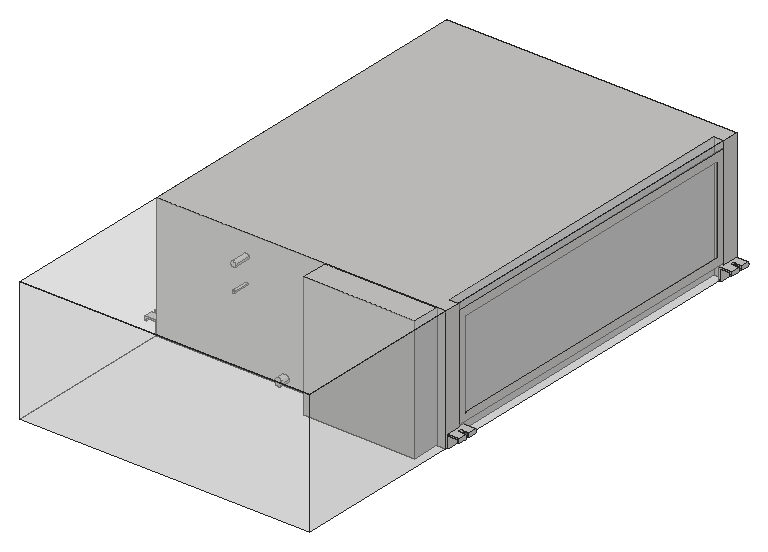
Revit family "outputfile", category 機械設備, Revit 2024
Family settings
  丸型コネクタ寸法 = 半径を使用
  パーツ タイプ = 標準
  OmniClass 番号 = 23.75.10.24.21.27.27
  OmniClass タイトル = Split System Air Conditioning Units
  作業面ベース = いいえ
  常に垂直 = はい
  ロード時にボイドで切り取り = いいえ
  注釈の向きを維持 = いいえ
  共有 = いいえ
  部屋計算ポイント = はい
Parameters (values of type "FXMQ200MFV7")
  Description = ""
  製造元 = "Daikin"
  書き出し IFC クラス(タイプ) = "IfcUnitaryEquipmentType"
  定義済み IFC タイプ(タイプ) = "AIRCONDITIONINGUNIT"
  Cost = 0
  モデル = "FXMQ200MFV7"
  Type Comments = ""
  Keynote = ""
  Type Image = (empty or 0)
  Assembly Code = ""
  w_dischargeflange = 1260.0 mm
  w_suctionflange = 1260.0 mm
  r_Liquid Pipe Size = Liquid Pipe Size / 2  # 4.75 mm
  r_Gas Pipe Size = Gas Pipe Size / 2  # 9.55 mm
  r_Drain Pipe Size = Drain Pipe Size / 2  # 13.8 mm
  lw_powersupply = 247.5 mm  # constant formula
  lw_mountinghole_pitch = 1148.0 mm  # constant formula
  lw_mountinghole = if(Depth = 744.0 mm, 29.5 mm, if(Depth = 1380.0 mm, 42.0 mm, 42.0 mm))  # 42.0 mm
  lw_liquidpipe = 760.0 mm  # constant formula
  lw_gaspipe = 760.0 mm  # constant formula
  lw_drainpipe = 613.0 mm  # constant formula
  lh_dischargeflange = 250.0 mm  # constant formula
  lh_powersupply = 20.0 mm  # constant formula
  lh_liquidpipe = 296.0 mm  # constant formula
  lh_gaspipe = 390.0 mm  # constant formula
  lh_drainpipe = 25.0 mm  # constant formula
  lh_suctionflange = 250.0 mm  # constant formula
  lh_antena = Height - lh_mountinghole + 1.0 mm  # 421.0 mm
  ld_dischargeflange = 690.0 mm
  ld_powersupply = 211.5 mm  # constant formula
  ld_mountinghole_pitch = if(Depth = 744.0 mm, 685.0 mm, if(Depth = 1380.0 mm, 1296.0 mm, 1296.0 mm))  # 1296.0 mm
  ld_suctionflange = 690.0 mm
  h_dischargeflange = 390.0 mm  # constant formula
  lh_mountinghole = 50.0 mm  # constant formula
  h_mountinghole = [h***] + lh_mountinghole  # 50.0 mm
  h_suctionflange = 390.0 mm  # constant formula
  h*** = 0.0 mm  # constant formula
  d_dischargeflange = 25.0 mm  # constant formula
  d_pipe = if(Depth = 744.0 mm, 61.0 mm, if(Depth = 1380.0 mm, 60.0 mm, 60.0 mm))  # 60.0 mm
  d_suctionflange = 25.0 mm  # constant formula
  Width = 1100.0 mm
  Voltage_comment_50Hz = "220-240"
  Voltage_50Hz = 230 V
  Version = "ver.1.0"
  Unit Type = "Outdoor Air Processing Unit"
  Unit Mass Weight = 123.00 kg
  Unit Designation [instance] = ""
  Uniclass2015Version = "Products v1.30"
  Uniclass2015Title = "Variable refrigerant flow units"
  Uniclass2015Code = "Pr_70_65_03_94"
  URL = ""
  Total Cooling Capacity [instance] = 0.000 kW
  Supply Air Direction [instance] = yes
  Sound Pressure Level_M speed (dBA) = 0
  Sound Pressure Level_L speed (dBA) = 0
  Sound Pressure Level_H speed (dBA) = 47
  Sound Power Level_H speed (dB) = 0
  Series = "VRV Fan Coil Unit"
  Sensible Cooling Capacity [instance] = 0.000 kW
  SA Duct Size Width = 1200.0 mm
  SA Duct Size Height = 330.0 mm
  Refrigerant Type = "R410A"
  Power Input (Cooling) = 0.548 kW
  Phase_50Hz = 1
  Option Accessory 3 [instance] = ""
  Option Accessory 2 [instance] = ""
  Option Accessory 1 [instance] = ""
  OA Duct Size Width = 1200.0 mm
  OA Duct Size Height = 330.0 mm
  Nominal Cooling Capacity = 22.400 kW
  Minimum External Static Pressure = 0.00 Pa
  Minimum Circuit Amps_50Hz = 3.3 A
  Minimum Airflow = 0.00 m³/h
  Median Airflow = 0.00 m³/h
  Maximum Fuse Amps_50Hz = 15.0 A
  Maximum External Static Pressure = 275.00 Pa
  Maximum Airflow = 1680.00 m³/h
  Material_Casing = DAIKIN_GalvanizedSteel_Casing_indoorunit
  Load Classification = HVAC
  Liquid Pipe Size = 9.5 mm
  Link_Nested Family [instance] = ""
  IfcVersion = "0"
  IfcExportType = "AIRCONDITIONINGUNIT"
  IfcExportAs = "IfcUnitaryEquipmentType"
  Height = 470.0 mm
  Heat Exchanger Type = "Cross Fin Coil"
  Gas Pipe Size = 19.1 mm
  Frequency_50Hz = 50 Hz
  Fan Type = "Sirocco Fan"
  Fan Drive = "Direct Drive"
  FCU Tag No. [instance] = ""
  Drain Pipe Size = 27.6 mm
  Design Supply Airflow [instance] = 0.00 m³/h
  Design Outdoor Airflow [instance] = 0.00 m³/h
  Design External Static Pressure [instance] = 0.00 Pa
  Depth = 1380.0 mm
  既定の高さ = 0.0 mm
  Cooling Entering Wet Bulb Temperature [instance] = 0.00 °C
  Cooling Entering Dry Bulb Temperature [instance] = 0.00 °C
  Cooling Ambient Wet Bulb Temperature [instance] = 0.00 °C
  Cooling Ambient Dry Bulb Temperature [instance] = 0.00 °C
  Clearance visibility [instance] = yes
  Clearance Top = 0.0 mm
  Clearance Right = 0.0 mm
  Clearance Rear = 0.0 mm
  Clearance Left = 0.0 mm
  Clearance Front = 650.0 mm
  Clearance Bottom = 0.0 mm
Reference planes
  plane 1 "Center (Front/Back)": y = 0
  plane 2: z = 0
  plane 3 "Center (Left/Right)": x = 0
  plane 4 "Back": y = 690
  plane 5 "Front": y = -690
  plane 6 "Left": x = -550
  plane 7 "Right": x = 550
  plane 8 "Top": z = 0
  plane 9 "Bottom": z = -470
  plane 10: y = 690
  plane 11: y = -1340
  plane 12: x = 550
  plane 13: x = -550
  plane 14: z = 0
  plane 15: z = -470
  plane 16: y = -792
  plane 17: y = -720
  plane 18: y = -750
  plane 19 "ld_drainpipe": x = -63
  plane 20 "ld_liquidpipe": x = -210
  plane 21 "ld_gaspipe": x = -210
  plane 22 "lh_gaspipe": z = -80
  plane 23 "lh_drainpipe": z = -445
  plane 24 "lh_liquidpipe": z = -174
  plane 25 "h_mountinghole": z = -420
  plane 26 "lh_powersuply": z = -450
  plane 27 "lh_suctionflange": z = -220
  plane 28 "ld_suctionflange": y = 0
  plane 29 "ld_dischargeflange": y = 0
  plane 30 "lh_dischargeflange": z = -220
  plane 31 "control box1": x = 514
  plane 32 "control box2": x = 91
  plane 33: y = -741
  plane 34 "lw_powersupply": x = 302.5
  plane 35: y = 648
  plane 36: y = -648
  plane 37: x = -574
  plane 38: x = 574
  plane 39 "w_suctionflange1": y = 630
  plane 40 "w_suctionflange2": y = -630
Forms (mm)
  Extrusion 1, solid, material "DAIKIN_GalvanizedSteel_Casing_indoorunit" <- "Material_Casing"
    sketch origin (0, 0, 0) x (1, 0, 0) y (0, 0, 1)
      loop
        line (-550, 0) -> (-550, -470) -> (550, -470) -> (550, 0) -> (-550, 0)
    from -690 to 690
  Extrusion 2, solid, material "DAIKIN_GalvanizedSteel_Casing_indoorunit" <- "Material_Casing"
    sketch origin (0, 0, 0) x (1, 0, 0) y (0, 0, 1)
      loop
        line (91, -470) -> (514, -470) -> (514, 0) -> (91, 0) -> (91, -470)
    from 690 to 792
  Extrusion 3, solid, material "DAIKIN_GalvanizedSteel_Casing_indoorunit" <- "Material_Casing"
    sketch origin (0, 0, 0) x (1, 0, 0) y (0, 0, 1)
      loop
        circle (-210, -174) r 4.75
      loop
        circle (-210, -80) r 9.55
    from 690 to 750
  Extrusion 4, solid, material "DAIKIN_GalvanizedSteel_Casing_indoorunit" <- "Material_Casing"
    sketch origin (63, 0, 0) x (1, 0, 0) y (0, 0, 1)
      loop
        circle (-126, -445) r 13.8
    from 690 to 720
  Extrusion 5, void
    sketch origin (0, 0, 0) x (0, 1, 0) y (0, 0, 1)
      loop
        line (-630, 545) -> (-630, -985) -> (630, -985) -> (630, 545) -> (-630, 545)
    from 514 to 550
Cuts and joins
  Extrusion 5 cuts Extrusion 1
Dimensions and locks
  "Height": plane 8 "Top" to plane 9 "Bottom"
  equal spacing: plane 6 "Left", plane 3 "Center (Left/Right)", plane 7 "Right"
  "Width": plane 6 "Left" to plane 7 "Right"
  equal spacing: plane 4 "Back", plane 1 "Center (Front/Back)", plane 5 "Front"
  "Depth": plane 4 "Back" to plane 5 "Front"
  "Clearance Left": plane 13 to plane 6 "Left"
  "Clearance Right": plane 7 "Right" to plane 12
  "Clearance Rear": plane 10 to plane 4 "Back"
  "Clearance Front": plane 5 "Front" to plane 11
  "Clearance Top": plane 14 to plane 8 "Top"
  "Clearance Bottom": plane 9 "Bottom" to plane 15
  locked: plane 5 "Front" to plane 16 at 102
  "d_pipe": plane 5 "Front" to plane 18
  "lw_drainpipe": plane 19 "ld_drainpipe" to plane 7 "Right"
  "lw_liquidpipe": plane 20 "ld_liquidpipe" to plane 7 "Right"
  "lw_gaspipe": plane 21 "ld_gaspipe" to plane 7 "Right"
  "lh_gaspipe": plane 22 "lh_gaspipe" to plane 9 "Bottom"
  "lh_liquidpipe": plane 24 "lh_liquidpipe" to plane 9 "Bottom"
  "lh_drainpipe": plane 23 "lh_drainpipe" to plane 9 "Bottom"
  "lh_mountinghole": plane 25 "h_mountinghole" to plane 9 "Bottom"
  "lh_powersupply": plane 26 "lh_powersuply" to plane 9 "Bottom"
  "lh_suctionflange": plane 27 "lh_suctionflange" to plane 9 "Bottom"
  "ld_suctionflange": plane 28 "ld_suctionflange" to plane 5 "Front"
  "ld_dischargeflange": plane 4 "Back" to plane 29 "ld_dischargeflange"
  "lh_dischargeflange": plane 30 "lh_dischargeflange" to plane 9 "Bottom"
  locked: plane 5 "Front" to plane 17 at 30
  locked: plane 32 "control box2" to plane 31 "control box1" at 423
  locked: plane 31 "control box1" to plane 7 "Right" at 36
  "lw_powersupply": plane 34 "lw_powersupply" to plane 7 "Right"
  equal spacing: plane 37, plane 3 "Center (Left/Right)", plane 38
  "lw_mountinghole_pitch": plane 37 to plane 38
  "lw_mountinghole": plane 36 to plane 5 "Front"
  "ld_mountinghole_pitch": plane 35 to plane 36
  equal spacing: plane 5 "Front", plane 33, plane 16, locked at 51 each
  equal spacing: plane 39 "w_suctionflange1", plane 29 "ld_dischargeflange", plane 40 "w_suctionflange2"
  "w_suctionflange": plane 39 "w_suctionflange1" to plane 40 "w_suctionflange2"
  "r_Liquid Pipe Size": radius of Extrusion 3 sketch curve
  "r_Gas Pipe Size": radius of Extrusion 3 sketch curve
  "r_Drain Pipe Size": radius of Extrusion 4 sketch curve
  aligned and locked: level to plane 2
  aligned and locked: Extrusion 1 sketch curve to plane 8 "Top"
  aligned and locked: Extrusion 1 sketch curve to plane 6 "Left"
  aligned and locked: plane 9 "Bottom" to Extrusion 1 sketch curve
  aligned and locked: Extrusion 1 sketch curve to plane 7 "Right"
  aligned and locked: plane 4 "Back" to Extrusion 1
  aligned and locked: Extrusion 1 to plane 5 "Front"
  aligned and locked: plane 10 to nested 1
  aligned and locked: plane 11 to nested 1
  aligned and locked: plane 12 to nested 1
  aligned and locked: nested 1 to plane 13
  aligned and locked: plane 15 to nested 1
  aligned and locked: plane 14 to nested 1
  aligned and locked: Extrusion 2 to plane 16
  aligned and locked: plane 5 "Front" to Extrusion 2
  aligned and locked: plane 24 "lh_liquidpipe" to Extrusion 3 sketch curve
  aligned and locked: plane 20 "ld_liquidpipe" to Extrusion 3 sketch curve
  aligned and locked: plane 21 "ld_gaspipe" to Extrusion 3 sketch curve
  aligned and locked: plane 22 "lh_gaspipe" to Extrusion 3 sketch curve
  aligned and locked: Extrusion 3 to plane 18
  aligned and locked: plane 5 "Front" to Extrusion 3
  aligned and locked: nested 2 to plane 5 "Front"
  aligned and locked: nested 2 to plane 19 "ld_drainpipe"
  aligned and locked: plane 23 "lh_drainpipe" to nested 2
  aligned and locked: nested 3 to plane 5 "Front"
  aligned and locked: nested 4 to plane 5 "Front"
  aligned and locked: plane 24 "lh_liquidpipe" to nested 3
  aligned and locked: plane 22 "lh_gaspipe" to nested 4
  aligned and locked: plane 25 "h_mountinghole" to nested 5
  aligned and locked: plane 25 "h_mountinghole" to nested 6
  aligned and locked: nested 7 to plane 25 "h_mountinghole"
  aligned and locked: nested 8 to plane 25 "h_mountinghole"
  aligned and locked: nested 13 to plane 26 "lh_powersuply"
  aligned and locked: plane 1 "Center (Front/Back)" to nested 14
  aligned and locked: nested 14 to plane 3 "Center (Left/Right)"
  aligned and locked: nested 15 to plane 29 "ld_dischargeflange"
  aligned and locked: nested 15 to plane 6 "Left"
  aligned and locked: plane 30 "lh_dischargeflange" to nested 15
  aligned and locked: nested 16 to plane 6 "Left"
  aligned and locked: nested 16 to plane 29 "ld_dischargeflange"
  aligned and locked: plane 28 "ld_suctionflange" to nested 17
  aligned and locked: nested 17 to plane 27 "lh_suctionflange"
  aligned and locked: nested 16 to plane 30 "lh_dischargeflange"
  aligned and locked: nested 3 to plane 20 "ld_liquidpipe"
  aligned and locked: nested 4 to plane 21 "ld_gaspipe"
  aligned and locked: Extrusion 2 sketch curve to plane 31 "control box1"
  aligned and locked: Extrusion 2 sketch curve to plane 32 "control box2"
  aligned and locked: Extrusion 2 sketch curve to plane 14
  aligned and locked: Extrusion 2 sketch curve to plane 15
  aligned and locked: plane 19 "ld_drainpipe" to Extrusion 4 sketch curve
  aligned and locked: plane 23 "lh_drainpipe" to Extrusion 4 sketch curve
  aligned and locked: Extrusion 4 to plane 17
  aligned and locked: nested 13 to plane 34 "lw_powersupply"
  aligned and locked: plane 33 to nested 13
  aligned and locked: nested 5 to plane 35
  aligned and locked: plane 35 to nested 7
  aligned and locked: nested 6 to plane 36
  aligned and locked: plane 36 to nested 8
  aligned and locked: nested 18 to plane 1 "Center (Front/Back)"
  aligned and locked: plane 27 "lh_suctionflange" to nested 18
  aligned and locked: Extrusion 5 sketch curve to plane 39 "w_suctionflange1"
  aligned and locked: Extrusion 5 sketch curve to plane 40 "w_suctionflange2"
  aligned and locked: plane 7 "Right" to Extrusion 5
  aligned and locked: plane 7 "Right" to nested 18
  aligned and locked: plane 3 "Center (Left/Right)" to nested 17
  aligned and locked: nested 11 to plane 37
  aligned and locked: nested 12 to plane 38
  aligned and locked: nested 10 to plane 37
  aligned and locked: nested 9 to plane 38
  aligned and locked: nested 5 to plane 6 "Left"
  aligned and locked: nested 7 to plane 7 "Right"
  aligned and locked: nested 8 to plane 7 "Right"
  aligned and locked: nested 9 to plane 36
  aligned and locked: nested 10 to plane 36
  aligned and locked: nested 12 to plane 35
  aligned and locked: nested 11 to plane 35
  aligned and locked: Extrusion 5 to Extrusion 2
  aligned and locked: plane 5 "Front" to Extrusion 4
Automatic sketch dimensions
  level to Extrusion 5 sketch curve = 545.0 mm
  Extrusion 5 sketch curve to plane 9 "Bottom" = 515.0 mm
Nested families
  nested 1: "daikin_clearancespace" at (0, -325, -234.881), visible <- "Clearance visibility", show <- "Clearance visibility", Link_Nested Family <- "Link_Nested Family", type "daikin_clearancespace"
    with width 1100.0 mm, show yes, height 470.0 mm, depth 2030.0 mm, Link_Nested Family ""
  nested 2: "daikin_connector_rotate2" at (-63, -690, -445), radius <- "r_Drain Pipe Size", type "daikin_connector_rotate2"
    with radius 13.8 mm, length 30.0 mm, angle_vertical 90.00°, show_face no
  nested 3: "daikin_connector_rotate2" at (-210, -690, -174), length <- "d_pipe", radius <- "r_Liquid Pipe Size", type "daikin_connector_rotate2"
    with radius 4.75 mm, length 60.0 mm, angle_vertical 90.00°, show_face no
  nested 4: "daikin_connector_rotate2" at (-210, -690, -80), length <- "d_pipe", radius <- "r_Gas Pipe Size", type "daikin_connector_rotate2"
    with radius 9.55 mm, length 60.0 mm, angle_vertical 90.00°, show_face no
  nested 5: "daikin_hangerfixture_FXMQ-MFV7" at (-550, 648, -420) x (0, -1, 0) z (0, 0, 1), type "daikin_hangerfixture_FXMQ-MFV7"
    with width 80.0 mm, D 1380.0 mm
  nested 6: "daikin_hangerfixture_FXMQ-MFV7" at (-550, -648, -420) x (0, -1, 0) z (0, 0, 1), type "daikin_hangerfixture_FXMQ-MFV7"
    with width 80.0 mm, D 1380.0 mm
  nested 7: "daikin_hangerfixture_FXMQ-MFV7" at (550, 648, -420) x (0, -1, 0) z (0, 0, 1), type "daikin_hangerfixture_FXMQ-MFV7"
    with width 80.0 mm, D 1380.0 mm
  nested 8: "daikin_hangerfixture_FXMQ-MFV7" at (550, -648, -420) x (0, -1, 0) z (0, 0, 1), type "daikin_hangerfixture_FXMQ-MFV7"
    with width 80.0 mm, D 1380.0 mm
  nested 9: "daikin_mountinghole" at (574, -648, -470), Link_Nested Family <- "Link_Nested Family", l_antenna <- "lh_antena", h_mountinghole <- "h_mountinghole", type "daikin_mountinghole"
    with show yes, l_antenna 421.0 mm, h_mountinghole 50.0 mm, Link_Nested Family ""
  nested 10: "daikin_mountinghole" at (-574, -648, -470), Link_Nested Family <- "Link_Nested Family", l_antenna <- "lh_antena", h_mountinghole <- "h_mountinghole", type "daikin_mountinghole"
    with show yes, l_antenna 421.0 mm, h_mountinghole 50.0 mm, Link_Nested Family ""
  nested 11: "daikin_mountinghole" at (-574, 648, -470), Link_Nested Family <- "Link_Nested Family", l_antenna <- "lh_antena", h_mountinghole <- "h_mountinghole", type "daikin_mountinghole"
    with show yes, l_antenna 421.0 mm, h_mountinghole 50.0 mm, Link_Nested Family ""
  nested 12: "daikin_mountinghole" at (574, 648, -470), Link_Nested Family <- "Link_Nested Family", l_antenna <- "lh_antena", h_mountinghole <- "h_mountinghole", type "daikin_mountinghole"
    with show yes, l_antenna 421.0 mm, h_mountinghole 50.0 mm, Link_Nested Family ""
  nested 13: "daikin_connector_rotate2" at (302.5, -741, -450) x (0, 1, 0) z (0, 0, 1), length <- "ld_powersupply", type "daikin_connector_rotate2"
    with radius 10.0 mm, length 211.5 mm, angle_vertical 90.00°, show_face no
  nested 14: "daikin_△_symbolicline" at (0, 0, 470) x (0, -1, 0) z (0, 0, 1), visible <- "Supply Air Direction", built-in parameter 1001364 <- "Height", type "daikin_△_symbolicline"
    with length 300.0 mm
  nested 15: "daikin_ductflange_FXMQ-MFV7_1" at (-550, 0, -415) x (0, -1, 0) z (0, 0, 1), material <- "Material_Casing", depth <- "d_dischargeflange", height <- "h_dischargeflange", width <- "w_dischargeflange", type "daikin_ductflange_FXMQ-MFV7_1"
    with width 1260.0 mm, top1 30.0 mm, right1 30.0 mm, material DAIKIN_GalvanizedSteel_Casing_indoorunit, left1 30.0 mm, height 390.0 mm, depth 25.0 mm, Bottom1 30.0 mm
  nested 16: "daikin_connector_rotate2" at (-550, 0, -220) x (0, -1, 0) z (0, 0, 1), length <- "d_dischargeflange", type "daikin_connector_rotate2"
    with radius 10.0 mm, length 25.0 mm, angle_vertical 90.00°, show_face no
  nested 17: "daikin_connector_rotate2" at (0, 0, -220) x (0, 1, 0) z (0, 0, 1), type "daikin_connector_rotate2"
    with radius 10.0 mm, length 550.0 mm, angle_vertical 90.00°, show_face no
  nested 18: "daikin_ductflange_FXMQ-MFV7_2" at (549, 0, -415) x (0, 1, 0) z (0, 0, 1), width <- "w_suctionflange", height <- "h_suctionflange", type "daikin_ductflange_FXMQ-MFV7_2"
    with width 1260.0 mm, height 390.0 mm, depth 1.0 mm
Connectors
  piping at (-210, -750, -174), diameter 9.5, driven by "r_Liquid Pipe Size"
    settings: on nested 3, index 2, connector inside diameter 609.6 mm, connector length 0.0 mm, flow factor 0, pipe flow 0.00 m³/h, pressure drop 0.0 Pa, fitting loss kfactor 0, connector angle 0.00°, fixture units 0, engagement length 0.0 mm, angle of deflection 0.00°, flow configuration 1, flow direction 1, fitting loss method 0, system type 29, joint type 0, gender type 0, connector reference index -1, connector utility 0, adjustable connector no, is connector primary yes, connector description "Refrigerant Liquid Piping"
  piping at (-210, -750, -80), diameter 19.1, driven by "r_Gas Pipe Size"
    settings: on nested 4, index 3, connector inside diameter 609.6 mm, connector length 0.0 mm, flow factor 0, pipe flow 0.00 m³/h, pressure drop 0.0 Pa, fitting loss kfactor 0, connector angle 0.00°, fixture units 0, engagement length 0.0 mm, angle of deflection 0.00°, flow configuration 1, flow direction 2, fitting loss method 0, system type 29, joint type 0, gender type 0, connector reference index -1, connector utility 0, adjustable connector no, is connector primary no, connector description "Refrigerant Gas Piping"
  electrical at (514, -741, -450), driven by "Load Classification"
    settings: on nested 13, index 4, voltage 0 V, apparent load 0 VA, apparent load phase1 0 VA, apparent load phase2 0 VA, apparent load phase3 0 VA, power factor 1, load classification "HVAC", number of poles 1, system type 30, power factor state 1, is connector primary yes, connector utility no, sub classification motor no, connector description "Power Supply"
  hvac at (-575, 0, -220), driven by "SA Duct Size Height", driven by "SA Duct Size Width"
    settings: on nested 15, index 6, duct flow 0.00 m³/h, flow factor 0, pres drop 0.00 Pa, loss coef 0, conn angle 0.00°, conn width 1200.0 mm, conn height 330.0 mm, conn diameter 609.6 mm, duct sys type 1, conn prof type 1, flow config 0, flow direction 2, loss method 4, conn ref index -1, conn util no, is conn primary yes, conn desc "SA Duct"
  piping at (-63, -720, -445), diameter 27.6, driven by "r_Drain Pipe Size"
    settings: on Extrusion 4, index 7, connector inside diameter 609.6 mm, connector length 0.0 mm, flow factor 0, pipe flow 0.00 m³/h, pressure drop 0.0 Pa, fitting loss kfactor 0, connector angle 0.00°, fixture units 0, engagement length 0.0 mm, angle of deflection 0.00°, flow configuration 1, flow direction 2, fitting loss method 4, system type 16, joint type 0, gender type 0, connector reference index -1, connector utility 0, adjustable connector no, is connector primary no, connector description "Condensate Drain Piping"
  hvac at (550, 0, -220), driven by "OA Duct Size Height", driven by "OA Duct Size Width"
    settings: on nested 18, index 8, duct flow 0.00 m³/h, flow factor 0, pres drop 0.00 Pa, loss coef 0, conn angle 0.00°, conn width 1200.0 mm, conn height 330.0 mm, conn diameter 609.6 mm, duct sys type 1, conn prof type 1, flow config 0, flow direction 1, loss method 4, conn ref index -1, conn util no, is conn primary no, conn desc "OA Duct"
Definition of nested family "daikin_clearancespace"
  Parameters (values of type "daikin_clearancespace")
    width [instance] = 1823.963 mm
    show [instance] = yes
    material = none
    height [instance] = 1359.762 mm
    depth [instance] = 880.0 mm
    Default Elevation = 0.0 mm
    Link_Nested Family [instance] = ""
  Reference planes
    plane 1 "Center (Front/Back)": y = 0
    plane 2 "Center (Elevation)": z = -0.119
    plane 3 "Center (Left/Right)": x = 0
    plane 4: y = 440
    plane 5: y = -440
    plane 6 "Right": x = 911.982
    plane 7 "Left": x = -911.982
    plane 8 "Top": z = 679.762
    plane 9 "Bottom": z = -680
  Forms (mm)
    Extrusion 1, solid, material <- "material", visible <- "show"
      sketch origin (0, 0, 0) x (1, 0, 0) y (0, 1, 0)
        loop
          line (-911.982, 440) -> (-911.982, -440) -> (911.982, -440) -> (911.982, 440) -> (-911.982, 440)
      from -680 to 679.762
  Lines and regions (mm)
    symbolic lines, visible <- "show"
      curve 1: line (911.982, 440, 0) -> (-911.982, 440, 0)
      curve 2: line (-911.982, 440, 0) -> (-911.982, -440, 0)
      curve 3: line (-911.982, -440, 0) -> (911.982, -440, 0)
      curve 4: line (911.982, -440, 0) -> (911.982, 440, 0)
      curve 5: line (911.982, 0, 679.762) -> (-911.982, 0, 679.762)
      curve 6: line (911.982, 0, -680) -> (911.982, 0, 679.762)
      curve 7: line (-911.982, 0, -680) -> (911.982, 0, -680)
      curve 8: line (-911.982, 0, 679.762) -> (-911.982, 0, -680)
      curve 9: line (0, 440, 679.762) -> (0, -440, 679.762)
      curve 10: line (0, -440, 679.762) -> (0, -440, -680)
      curve 11: line (0, 440, -680) -> (0, 440, 679.762)
      curve 12: line (0, -440, -680) -> (0, 440, -680)
  Dimensions and locks
    "width": plane 7 "Left" to plane 6 "Right"
    "depth": plane 4 to plane 5
    "height": plane 8 "Top" to plane 9 "Bottom"
    equal spacing: plane 7 "Left", plane 3 "Center (Left/Right)", plane 6 "Right"
    equal spacing: plane 4, plane 1 "Center (Front/Back)", plane 5
    equal spacing: plane 8 "Top", plane 2 "Center (Elevation)", plane 9 "Bottom"
    aligned and locked: level to plane 2 "Center (Elevation)"
    aligned and locked: Extrusion 1 sketch curve to plane 4
    aligned and locked: plane 7 "Left" to Extrusion 1 sketch curve
    aligned and locked: Extrusion 1 sketch curve to plane 5
    aligned and locked: Extrusion 1 sketch curve to plane 6 "Right"
    aligned and locked: plane 8 "Top" to Extrusion 1
    aligned and locked: curve 1 to Extrusion 1
    aligned and locked: curve 2 to Extrusion 1
    aligned and locked: curve 3 to Extrusion 1
    aligned and locked: curve 4 to Extrusion 1
    aligned and locked: curve 5 to Extrusion 1
    aligned and locked: curve 6 to Extrusion 1
    aligned and locked: curve 7 to Extrusion 1
    aligned and locked: curve 8 to Extrusion 1
    aligned and locked: curve 9 to Extrusion 1
    aligned and locked: curve 10 to Extrusion 1
    aligned and locked: curve 11 to Extrusion 1
    aligned and locked: curve 12 to Extrusion 1
    aligned and locked: Extrusion 1 to plane 9 "Bottom"
Definition of nested family "daikin_hangerfixture_FXMQ-MFV7"
  Parameters (values of type "daikin_hangerfixture_CeilingMountedDuct")
    width = if(D = 744.0 mm, 55.0 mm, if(D = 1380.0 mm, 80.0 mm, 80.0 mm))  # 55.0 mm
    material = none
    height = 50.0 mm
    depth = 47.0 mm
    Default Elevation = 0.0 mm
    D = 744.0 mm
  Reference planes
    plane 1 "Center (Front/Back)": y = 0
    plane 2: z = 0
    plane 3 "Center (Left/Right)": x = 0
    plane 4: y = 417.146
    plane 5: y = -47
    plane 6: x = -27.5
    plane 7: x = 27.5
    plane 8: z = -5
    plane 9: z = -50
    plane 10: y = -5
    plane 11: y = -42
    plane 12: y = -24
    plane 13: z = -15
  Forms (mm)
    Extrusion 1, solid, material <- "material"
      sketch origin (0, 0, 0) x (1, 0, 0) y (0, 1, 0)
        loop
          line (27.5, 0) -> (-27.5, 0) -> (-27.5, -47) -> (-7, -47) -> (-7, -24)
          arc (-7, -24) -> (0, -17) -> (7, -24) r 7
          line (7, -24) -> (7, -47) -> (27.5, -47) -> (27.5, 0)
      from 0 to -5
    Extrusion 2, solid, material <- "material"
      sketch origin (0, 0, 0) x (1, 0, 0) y (0, 0, 1)
        loop
          line (27.5, -40) -> (27.5, 0) -> (-27.5, 0) -> (-27.5, -40)
          arc (-27.5, -40) -> (-24.571, -47.071) -> (-17.5, -50) r 10
          line (-17.5, -50) -> (17.5, -50)
          arc (17.5, -50) -> (24.571, -47.071) -> (27.5, -40) r 10
      from 0 to 5
    Extrusion 3, solid, material <- "material"
      sketch origin (0, 0, 0) x (1, 0, 0) y (0, 0, 1)
        loop
          line (-7, -12) -> (-7, 0) -> (-27.5, 0) -> (-27.5, -12)
          arc (-27.5, -12) -> (-26.621, -14.121) -> (-24.5, -15) r 3
          line (-24.5, -15) -> (-10, -15)
          arc (-10, -15) -> (-7.879, -14.121) -> (-7, -12) r 3
        loop
          line (7, 0) -> (7, -12)
          arc (7, -12) -> (7.879, -14.121) -> (10, -15) r 3
          line (10, -15) -> (24.5, -15)
          arc (24.5, -15) -> (26.621, -14.121) -> (27.5, -12) r 3
          line (27.5, -12) -> (27.5, 0) -> (7, 0)
      from 42 to 47
  Cuts and joins
    joined: Extrusion 1, Extrusion 2, Extrusion 3
  Dimensions and locks
    "width": plane 6 to plane 7
    "depth": plane 5 to plane 1 "Center (Front/Back)"
    locked: plane 2 to plane 8 at 5
    "height": plane 2 to plane 9
    locked: plane 10 to plane 1 "Center (Front/Back)" at 5
    locked: plane 11 to plane 5 at 5
    locked: plane 2 to plane 13 at 15
    equal spacing: plane 6, plane 3 "Center (Left/Right)", plane 7
    plane 12 to plane 1 "Center (Front/Back)" = 24.0 mm
    aligned and locked: level to plane 2
    aligned and locked: Extrusion 1 sketch curve to plane 1 "Center (Front/Back)"
    aligned and locked: plane 7 to Extrusion 1
    aligned and locked: Extrusion 1 to plane 6
    aligned and locked: Extrusion 1 to plane 5  (x2)
    aligned and locked: Extrusion 1 to plane 8
    aligned and locked: plane 2 to Extrusion 1
    aligned and locked: plane 2 to Extrusion 2 sketch curve
    aligned and locked: Extrusion 2 to plane 10
    aligned and locked: Extrusion 2 to plane 1 "Center (Front/Back)"
    aligned and locked: plane 2 to Extrusion 3 sketch curve  (x2)
    aligned and locked: plane 11 to Extrusion 3
    aligned and locked: Extrusion 3 to plane 5
    aligned and locked: plane 9 to Extrusion 2 sketch curve
    aligned and locked: cut or joined group of Extrusion 1, Extrusion 2, Extrusion 3 to plane 13  (x2)
    aligned and locked: plane 3 "Center (Left/Right)" to Extrusion 1 sketch curve
    aligned and locked: cut or joined group of Extrusion 1, Extrusion 2, Extrusion 3 to cut or joined group of Extrusion 1, Extrusion 2, Extrusion 3  (x2)
  Automatic sketch dimensions
    Extrusion 1 sketch curve to plane 6 = 0.0 mm
    Extrusion 1 sketch curve to plane 5 = 0.0 mm  (x2)
    Extrusion 1 sketch curve to plane 7 = 0.0 mm
    Extrusion 1 sketch curve to plane 3 "Center (Left/Right)" = 7.0 mm
    Extrusion 2 sketch curve to plane 7 = 0.0 mm
    Extrusion 2 sketch curve to plane 7 = 10.0 mm
    plane 6 to Extrusion 2 sketch curve = 10.0 mm
    Extrusion 2 sketch curve to plane 6 = 0.0 mm
    Extrusion 3 sketch curve to plane 6 = 0.0 mm
    Extrusion 3 sketch curve to plane 7 = 0.0 mm
    Extrusion 3 sketch curve to Extrusion 3 sketch curve = 3.0 mm  (x3)
    Extrusion 3 sketch curve to plane 8 = 7.0 mm
    Extrusion 3 sketch curve to plane 3 "Center (Left/Right)" = 7.0 mm
    plane 3 "Center (Left/Right)" to Extrusion 3 sketch curve = 7.0 mm
    Extrusion 3 sketch curve to plane 7 = 3.0 mm
    Extrusion 3 sketch curve to plane 8 = 10.0 mm
    Extrusion 1 sketch curve to plane 12 = 0.0 mm
Definition of nested family "daikin_ductflange_FXMQ-MFV7_1"
  Parameters (values of type "daikin_ductflange_FXMQ-MFV1")
    width [instance] = 670.0 mm
    right1 [instance] = 22.5 mm
    left1 [instance] = 22.5 mm
    Bottom1 [instance] = 25.0 mm
    material [instance] = none
    height [instance] = 272.0 mm
    depth [instance] = 25.0 mm
    top1 [instance] = 25.0 mm
    Default Elevation = 0.0 mm
  Reference planes
    plane 1 "Center (Front/Back)": y = 0
    plane 2: z = 0
    plane 3 "Center (Left/Right)": x = 0
    plane 4: y = -25
    plane 5: x = -335
    plane 6: x = 335
    plane 7 "Top": z = 272
    plane 8: y = -1
    plane 9: x = -312.5
    plane 10: x = 312.5
    plane 11: z = 247
    plane 12: z = 25
    plane 13 "Center (Elevation)": z = 136
  Forms (mm)
    Extrusion 1, solid, material <- "material"
      sketch origin (0, 0, 0) x (1, 0, 0) y (0, 0, 1)
        loop
          line (-335, 272) -> (-335, 0) -> (335, 0) -> (335, 272) -> (-335, 272)
        loop
          line (-312.5, 247) -> (-312.5, 25) -> (312.5, 25) -> (312.5, 247) -> (-312.5, 247)
      from 0 to 1
    Extrusion 2, solid, material <- "material"
      sketch origin (0, 0, 0) x (1, 0, 0) y (0, 1, 0)
        loop
          line (-312.5, -1) -> (-317.5, -1) -> (-317.5, -25) -> (-312.5, -25) -> (-312.5, -1)
        loop
          line (312.5, -1) -> (312.5, -25) -> (317.5, -25) -> (317.5, -1) -> (312.5, -1)
      from 0 to 272
    Extrusion 3, solid, material <- "material"
      sketch origin (0, 0, 0) x (0, 1, 0) y (0, 0, 1)
        loop
          line (-1, 247) -> (-1, 252) -> (-25, 252) -> (-25, 247) -> (-1, 247)
        loop
          line (-1, 25) -> (-25, 25) -> (-25, 20) -> (-1, 20) -> (-1, 25)
      from -312.5 to 312.5
  Cuts and joins
    joined: Extrusion 1, Extrusion 2, Extrusion 3
  Dimensions and locks
    "height": plane 7 "Top" to plane 2
    "width": plane 5 to plane 6
    equal spacing: plane 5, plane 3 "Center (Left/Right)", plane 6
    "depth": plane 1 "Center (Front/Back)" to plane 4
    locked: plane 8 to plane 1 "Center (Front/Back)" at 1
    "left1": plane 5 to plane 9
    "right1": plane 10 to plane 6
    locked: Extrusion 2 sketch curve to Extrusion 2 sketch curve at 5  (x2)
    "top1": plane 7 "Top" to plane 11
    "Bottom1": plane 12 to plane 2
    equal spacing: plane 7 "Top", plane 13 "Center (Elevation)", plane 2
    locked: Extrusion 3 sketch curve to cut or joined group of Extrusion 1, Extrusion 2, Extrusion 3 at 5
    locked: Extrusion 3 sketch curve to Extrusion 3 sketch curve at 5
    aligned and locked: level to plane 2
    aligned and locked: Extrusion 1 sketch curve to plane 7 "Top"
    aligned and locked: plane 5 to Extrusion 1 sketch curve
    aligned and locked: Extrusion 1 sketch curve to plane 6
    aligned and locked: plane 2 to Extrusion 1 sketch curve
    aligned and locked: Extrusion 1 to plane 8
    aligned and locked: Extrusion 2 sketch curve to plane 8
    aligned and locked: Extrusion 2 sketch curve to plane 9
    aligned and locked: plane 8 to Extrusion 2 sketch curve
    aligned and locked: Extrusion 2 sketch curve to plane 10
    aligned and locked: plane 8 to Extrusion 3 sketch curve
    aligned and locked: Extrusion 3 sketch curve to plane 8
    aligned and locked: plane 4 to Extrusion 2 sketch curve
    aligned and locked: Extrusion 2 sketch curve to plane 4
    aligned and locked: plane 4 to Extrusion 3 sketch curve
    aligned and locked: Extrusion 3 sketch curve to plane 4
    aligned and locked: plane 9 to Extrusion 1 sketch curve
    aligned and locked: Extrusion 1 sketch curve to plane 10
    aligned and locked: plane 12 to Extrusion 1 sketch curve
    aligned and locked: Extrusion 1 sketch curve to plane 11
    aligned and locked: plane 10 to cut or joined group of Extrusion 1, Extrusion 2, Extrusion 3
    aligned and locked: cut or joined group of Extrusion 1, Extrusion 2, Extrusion 3 to plane 9
    aligned and locked: plane 7 "Top" to cut or joined group of Extrusion 1, Extrusion 2, Extrusion 3
    aligned and locked: cut or joined group of Extrusion 1, Extrusion 2, Extrusion 3 to plane 2
  Automatic sketch dimensions
    Extrusion 3 sketch curve to plane 11 = 0.0 mm
    Extrusion 3 sketch curve to plane 12 = 0.0 mm
Definition of nested family "daikin_ductflange_FXMQ-MFV7_2"
  Parameters (values of type "daikin_ductflange_FXDSQ-AVM2")
    width [instance] = 624.0 mm
    material = none
    height [instance] = 390.0 mm
    depth [instance] = 1.0 mm
    Default Elevation = 0.0 mm
  Reference planes
    plane 1 "Center (Front/Back)": y = 0
    plane 2: z = 0
    plane 3 "Center (Left/Right)": x = 0
    plane 4: x = -312
    plane 5: x = 312
    plane 6 "Top": z = 390
    plane 7: y = -1
    plane 8: z = 360
    plane 9: z = 30
    plane 10 "Center (Elevation)": z = 195
    plane 11: x = -282
    plane 12: x = 282
  Forms (mm)
    Extrusion 1, solid, material <- "material"
      sketch origin (0, 0, 0) x (1, 0, 0) y (0, 0, 1)
        loop
          line (-312, 390) -> (-312, 0) -> (312, 0) -> (312, 390) -> (-312, 390)
        loop
          line (-282, 360) -> (-282, 30) -> (282, 30) -> (282, 360) -> (-282, 360)
      from 0 to 1
  Dimensions and locks
    "height": plane 6 "Top" to plane 2
    "width": plane 4 to plane 5
    equal spacing: plane 4, plane 3 "Center (Left/Right)", plane 5
    Extrusion 1 sketch curve to Extrusion 1 sketch curve = 30.0 mm  (x4)
    "depth": plane 7 to plane 1 "Center (Front/Back)"
    locked: plane 6 "Top" to plane 8 at 30
    locked: plane 9 to plane 2 at 30
    equal spacing: plane 6 "Top", plane 10 "Center (Elevation)", plane 2
    locked: plane 11 to plane 4 at 30
    plane 5 to plane 12 = 30.0 mm
    aligned and locked: level to plane 2
    aligned and locked: Extrusion 1 sketch curve to plane 6 "Top"
    aligned and locked: plane 4 to Extrusion 1 sketch curve
    aligned and locked: Extrusion 1 sketch curve to plane 5
    aligned and locked: plane 2 to Extrusion 1 sketch curve
    aligned and locked: plane 11 to Extrusion 1  (x2)
    aligned and locked: Extrusion 1 to plane 12  (x2)
    aligned and locked: Extrusion 1 to plane 8
    aligned and locked: plane 9 to Extrusion 1
Definition of nested family "daikin_connector_rotate2"
  Parameters (values of type "daikin_connector_rotate2")
    show_face = yes
    radius [instance] = 10.0 mm
    length [instance] = 600.0 mm
    d_surface = 10.0 mm
    angle_vertical [instance] = 90.00°
    Default Elevation = 0.0 mm
  Reference planes
    plane 1 "Center (Front/Back)": y = 0
    plane 2: z = 0
    plane 3 "Center (Left/Right)": x = 0
  Forms (mm)
    Extrusion 1, solid, visible <- "show_face"
      sketch origin (0, -600, 0) x (1, 0, 0) y (0, 0, 1)
        loop
          circle (0, 0) r 10
      from 0 to -10
  Lines and regions (mm)
    reference lines
      curve 1: line (0, 0, 0) -> (0, -600, 0)
    symbolic lines
      curve 2: circle (0, 0, 0) r 5 normal (0, 0, 1)
    model lines, visible <- "show_face"
      curve 3: line (0, 0, 0) -> (0, -600, 0)
  Dimensions and locks
    "length": curve 1 to curve 1
    "length": curve 3 to curve 3
    "d_surface": Extrusion 1 to Extrusion 1
    "radius": radius of Extrusion 1 sketch curve
    "angle_vertical": angle curve 1 to plane 1 "Center (Front/Back)"
    "angle_vertical": angle curve 3 to plane 1 "Center (Front/Back)"
    aligned and locked: level to plane 2
    aligned and locked: plane 1 "Center (Front/Back)" to curve 1
    aligned and locked: plane 2 to curve 1
    aligned and locked: plane 1 "Center (Front/Back)" to curve 2
    aligned and locked: plane 3 "Center (Left/Right)" to curve 2
    aligned and locked: plane 1 "Center (Front/Back)" to curve 3
    aligned and locked: plane 2 to curve 3
    aligned and locked: Extrusion 1 to Extrusion 1
  Automatic sketch dimensions
    Extrusion 1 sketch curve to level = 0.0 mm
    Extrusion 1 sketch curve to plane 3 "Center (Left/Right)" = 0.0 mm
    radius of curve 2 = 5.0 mm
Definition of nested family "daikin_mountinghole"
  Parameters (values of type "daikin_mountinghole")
    Default Elevation = 1219.2 mm
    Type Comments = "mountinghole"
    show [instance] = yes
    material = none
    l_centerline = 100.0 mm
    l_antenna [instance] = 100.0 mm
    h_mountinghole [instance] = 0.0 mm
    d_circle = 30.0 mm
    Link_Nested Family [instance] = ""
  Reference planes
    plane 1 "Center (Front/Back)": y = 0
    plane 2: z = 0
    plane 3 "Center (Left/Right)": x = 0
    plane 4: y = 50
    plane 5: x = -50
    plane 6: x = 50
    plane 7: y = -50
    plane 8 "h_mountinghole": z = 0
    plane 9: z = 100
  Lines and regions (mm)
    model lines, detail levels fine
      curve 1: circle (0, 0, 0) r 15 normal (0, 0, 1)
      curve 2: line (-50, 0, 0) -> (50, 0, 0)
      curve 3: line (0, 50, 0) -> (0, -50, 0)
    symbolic lines, detail levels fine
      curve 4: circle (0, 0, 0) r 15 normal (0, 0, 1)
      curve 5: line (-50, 0, 0) -> (50, 0, 0)
      curve 6: line (0, 50, 0) -> (0, -50, 0)
    model lines
      curve 7: line (0, 0, 100) -> (0, 0, 0)
  Dimensions and locks
    equal spacing: plane 4, plane 1 "Center (Front/Back)", plane 7
    "l_centerline": plane 4 to plane 7
    equal spacing: plane 5, plane 3 "Center (Left/Right)", plane 6
    "l_centerline": plane 5 to plane 6
    "l_antenna": plane 9 to plane 8 "h_mountinghole"
    "h_mountinghole": plane 8 "h_mountinghole" to plane 2
    "d_circle": diameter of curve 1
    "d_circle": diameter of curve 4
    aligned and locked: level to plane 2
    aligned and locked: plane 1 "Center (Front/Back)" to curve 1
    aligned and locked: plane 3 "Center (Left/Right)" to curve 1
    aligned and locked: plane 1 "Center (Front/Back)" to curve 2
    aligned and locked: curve 3 to plane 3 "Center (Left/Right)"
    aligned and locked: plane 6 to curve 2
    aligned and locked: plane 5 to curve 2
    aligned and locked: plane 4 to curve 3
    aligned and locked: plane 7 to curve 3
    aligned and locked: plane 1 "Center (Front/Back)" to curve 4
    aligned and locked: plane 3 "Center (Left/Right)" to curve 4
    aligned and locked: plane 6 to curve 5
    aligned and locked: plane 5 to curve 5
    aligned and locked: plane 1 "Center (Front/Back)" to curve 5
    aligned and locked: plane 4 to curve 6
    aligned and locked: plane 7 to curve 6
    aligned and locked: curve 6 to plane 3 "Center (Left/Right)"
    aligned and locked: curve 7 to plane 3 "Center (Left/Right)"
    aligned and locked: plane 9 to curve 7
    aligned and locked: plane 8 "h_mountinghole" to curve 7
Definition of nested family "daikin_△_symbolicline"
  Parameters (values of type "daikin_△_symbolicline")
    length [instance] = 500.0 mm
    Default Elevation = 0.0 mm
  Reference planes
    plane 1 "Center (Front/Back)": y = 0
    plane 2: z = 0
    plane 3 "Center (Left/Right)": x = 0
  Lines and regions (mm)
    symbolic lines
      curve 1: line (0, -433.013, 0) -> (250, 0, 0)
      curve 2: line (250, 0, 0) -> (-250, 0, 0)
      curve 3: line (-250, 0, 0) -> (0, -433.013, 0)
  Dimensions and locks
    equal spacing: curve 3, plane 3 "Center (Left/Right)", curve 2
    "length": curve 3 to curve 2
    "length": curve 3 to curve 3
    "length": curve 1 to curve 1
    aligned and locked: level to plane 2
    aligned and locked: curve 2 to plane 1 "Center (Front/Back)"
    aligned and locked: plane 3 "Center (Left/Right)" to curve 3
